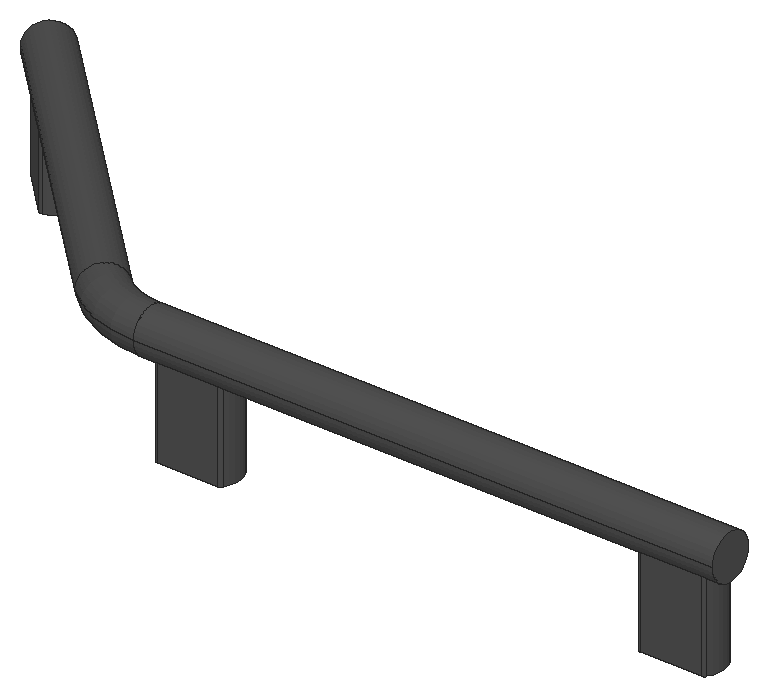
Revit family "687379B OPAL SUPPORT RAIL 135 DEGREE RIGHT HAND ANGLED BLACK", category Plumbing Fixtures, host Face, Revit 2019
Family settings
  Host = Face
  Round Connector Dimension = Use Radius
  Part Type = Normal
  OmniClass Number = 23.40.20.21.47
  OmniClass Title = Bath Grab Bars
  Cut with Voids When Loaded = No
  Shared = No
  Room Calculation Point = No
Parameters (values of type "OPAL SUPPORT RAIL 135 DEGREE RIGHT HAND ANGLED BLACK")
  Waste Connection = no
  Vent Connection = no
  URL = "https://www.caroma.com.au/"
  Rail_Height = 75 mm
  Model = "687379B"
  Material_Base = GWA-Metal-Black
  Manufacturer = "GWA Bathrooms & Kitchens"  # constant formula
  HW Connection = no
  Description = "OPAL SUPPORT RAIL 135 DEGREE RIGHT HAND ANGLED BLACK"
  Default Elevation = 0 mm
  CreatedBy_ANZRS = "GWA Bathrooms & Kitchens"  # constant formula
  CW Connection = no
  Assembly Code = "C1030200"
Reference planes
  plane 1 "Center (Front/Back)": y = 0
  plane 2: z = 0
  plane 3 "Center (Left/Right)": x = 0
  plane 4 "Rail_Centre": z = 75
Forms (mm)
  Extrusion 1, solid, material "GWA-Metal-Black" <- "Material_Base"
    sketch origin (225, 0, 0) x (-1, 0, 0) y (0, -1, 0)
      loop
        arc (246.722, -11.5) -> (248.222, -11.098) -> (249.321, -10) r 3
        arc (249.321, -10) -> (252, 0) -> (249.321, 10) r 20
        arc (249.321, 10) -> (248.222, 11.098) -> (246.722, 11.5) r 3
        line (246.722, 11.5) -> (203.278, 11.5)
        arc (203.278, 11.5) -> (201.778, 11.098) -> (200.679, 10) r 3
        arc (200.679, 10) -> (198, 0) -> (200.679, -10) r 20
        arc (200.679, -10) -> (201.778, -11.098) -> (203.278, -11.5) r 3
        line (203.278, -11.5) -> (246.722, -11.5)
    from 0 to 75
  Extrusion 2, solid, material "GWA-Metal-Black" <- "Material_Base"
    sketch origin (-120, 0, 0) x (-1, 0, 0) y (0, -1, 0)
      loop
        arc (246.722, -11.5) -> (248.222, -11.098) -> (249.321, -10) r 3
        arc (249.321, -10) -> (252, 0) -> (249.321, 10) r 20
        arc (249.321, 10) -> (248.222, 11.098) -> (246.722, 11.5) r 3
        line (246.722, 11.5) -> (203.278, 11.5)
        arc (203.278, 11.5) -> (201.778, 11.098) -> (200.679, 10) r 3
        arc (200.679, 10) -> (198, 0) -> (200.679, -10) r 20
        arc (200.679, -10) -> (201.778, -11.098) -> (203.278, -11.5) r 3
        line (203.278, -11.5) -> (246.722, -11.5)
    from 0 to 75
  Extrusion 3, solid, material "GWA-Metal-Black" <- "Material_Base"
    sketch origin (-444.648, 34.648, 0) x (-0.707107, 0.707107, 0) y (-0.707107, -0.707107, 0)
      loop
        arc (246.722, -11.5) -> (248.222, -11.098) -> (249.321, -10) r 3
        arc (249.321, -10) -> (252, 0) -> (249.321, 10) r 20
        arc (249.321, 10) -> (248.222, 11.098) -> (246.722, 11.5) r 3
        line (246.722, 11.5) -> (203.278, 11.5)
        arc (203.278, 11.5) -> (201.778, 11.098) -> (200.679, 10) r 3
        arc (200.679, 10) -> (198, 0) -> (200.679, -10) r 20
        arc (200.679, -10) -> (201.778, -11.098) -> (203.278, -11.5) r 3
        line (203.278, -11.5) -> (246.722, -11.5)
    from 0 to 75
  Sweep 4, solid, material "GWA-Metal-Black" <- "Material_Base"
    path origin (0, 0, 75) x (1, 0, 0) y (0, 1, 0)
      loop
        line (33, 0) -> (-380.177, 0)
        arc (-380.177, 0) -> (-407.73, 5.481) -> (-431.088, 21.088) r 72
        line (-431.088, 21.088) -> (-627.082, 217.082)
    profile origin (-173.588, 0, 75) x (0, -1, 0) y (0, 0, 1)
      loop
        circle (0, 0) r 16
Lines and regions (mm)
  Masking region 1
    outline origin (0, 0, 0) x (0, 1, 0) y (0, 0, 1)
      loop
        line (218.118, 0) -> (218.118, 59.067)
        spline (218.118, 59.067) -> (220.917, 59.947) -> (223.47, 61.795) -> (225.613, 64.49) -> (227.207, 67.861) -> (228.151, 71.691) -> (228.384, 75.733) -> (227.89, 79.728) -> (226.702, 83.42) -> (224.896, 86.57) -> (222.588, 88.977) -> (219.926, 90.486) -> (217.082, 91)
        line (217.082, 91) -> (0, 91)
        arc (0, 91) -> (-14.731, 81.245) -> (-11.5, 63.876) r 16
        line (-11.5, 63.876) -> (-11.5, 0) -> (11.5, 0) -> (11.5, 59) -> (169.377, 59) -> (169.377, 0) -> (218.118, 0)
  Masking region 2
    outline origin (0, 0, 75) x (1, 0, 0) y (0, 1, 0)
      loop
        line (33, 16) -> (-380.177, 16)
        arc (-380.177, 16) -> (-401.607, 20.263) -> (-419.775, 32.402) r 56
        line (-419.775, 32.402) -> (-615.768, 228.395) -> (-638.395, 205.768) -> (-442.402, 9.775)
        arc (-442.402, 9.775) -> (-413.853, -9.301) -> (-380.177, -16) r 88
        line (-380.177, -16) -> (33, -16) -> (33, 16)
  Masking region 3
    outline origin (0, 0, 0) x (-1, 0, 0) y (0, 0, -1)
      loop
        line (-27, 0) -> (-27, -59) -> (-33, -59) -> (-33, -91) -> (627.082, -91)
        spline (627.082, -91) -> (629.926, -90.486) -> (632.588, -88.977) -> (634.896, -86.57) -> (636.702, -83.42) -> (637.89, -79.728) -> (638.384, -75.733) -> (638.151, -71.691) -> (637.207, -67.861) -> (635.613, -64.49) -> (633.47, -61.795) -> (630.917, -59.947) -> (628.118, -59.067)
        line (628.118, -59.067) -> (628.118, 0) -> (579.372, 0) -> (579.372, -59) -> (372, -59) -> (372, 0) -> (318, 0) -> (318, -59) -> (27, -59) -> (27, 0) -> (-27, 0)
  symbolic lines
    curve 1: line (0, 11.5, 0) -> (0, 11.5, 59)
    curve 2: line (0, 11.5, 0) -> (0, -11.5, 0)
    curve 3: line (0, -11.5, 0) -> (0, -11.5, 63.876)
    curve 4: circle (0, 0, 75) r 16 normal (1, 0, 0)
    curve 5: line (0, 0, 91) -> (0, 217.082, 91)
    curve 6: line (0, 0, 59) -> (0, 169.377, 59)
    curve 7: line (0, 169.377, 0) -> (0, 169.377, 63.076)
    curve 8: line (0, 218.118, 0) -> (0, 218.118, 59.067)
    curve 9: spline (0, 205.768, 75) -> (0, 206.154, 70.859) -> (0, 207.284, 67) -> (0, 209.082, 63.686) -> (0, 211.425, 61.144) -> (0, 214.154, 59.545) -> (0, 217.082, 59) -> (0, 220.01, 59.545) -> (0, 222.739, 61.144) -> (0, 225.082, 63.686) -> (0, 226.88, 67) -> (0, 228.01, 70.859) -> (0, 228.395, 75)
    curve 10: spline (0, 228.395, 75) -> (0, 228.01, 79.141) -> (0, 226.88, 83) -> (0, 225.082, 86.314) -> (0, 222.739, 88.856) -> (0, 220.01, 90.455) -> (0, 217.082, 91) -> (0, 214.154, 90.455) -> (0, 211.425, 88.856) -> (0, 209.082, 86.314) -> (0, 207.284, 83) -> (0, 206.154, 79.141) -> (0, 205.768, 75)
    curve 11: line (0, 170.177, 63.876) -> (0, 201.06, 63.876)
    curve 12: arc (0, 169.377, 63.076) -> (0, 169.611, 63.641) -> (0, 170.177, 63.876) r 0.8
    curve 13: line (0, 217.082, 59) -> (0, 212.741, 59)
    curve 14: spline (0, 201.06, 63.876) -> (0, 201.281, 63.84) -> (0, 201.512, 63.787) -> (0, 201.749, 63.719) -> (0, 201.992, 63.634) -> (0, 202.237, 63.535) -> (0, 202.483, 63.422) -> (0, 202.728, 63.296) -> (0, 202.969, 63.157) -> (0, 203.206, 63.008) -> (0, 203.435, 62.848) -> (0, 203.655, 62.681) -> (0, 203.865, 62.506)
    curve 15: arc (0, 212.741, 59) -> (0, 210.9, 59.18) -> (0, 209.128, 59.711) r 9.53
    curve 16: arc (0, 209.128, 59.711) -> (0, 206.427, 60.978) -> (0, 203.865, 62.506) r 30.052
    curve 17: line (33, 16, 75) -> (-380.177, 16, 75)
    curve 18: line (33, -16, 75) -> (-380.177, -16, 75)
    curve 19: line (-638.395, 205.768, 75) -> (-442.402, 9.775, 75)
    curve 20: line (-638.395, 205.768, 75) -> (-615.768, 228.395, 75)
    curve 21: line (-615.768, 228.395, 75) -> (-419.775, 32.402, 75)
    curve 22: line (33, 16, 75) -> (33, -16, 75)
    curve 23: arc (-380.177, 16, 75) -> (-401.607, 20.263, 75) -> (-419.775, 32.402, 75) r 56
    curve 24: arc (-380.177, -16, 75) -> (-413.853, -9.301, 75) -> (-442.402, 9.775, 75) r 88
    curve 25: line (27, 0, 0) -> (27, 0, 59)
    curve 26: line (27, 0, 0) -> (-27, 0, 0)
    curve 27: line (-27, 0, 0) -> (-27, 0, 59)
    curve 28: line (-21.774, 0, 63.876) -> (21.774, 0, 63.876)
    curve 29: line (27, 0, 59) -> (24.152, 0, 62.704)
    curve 30: arc (21.774, 0, 63.876) -> (23.099, 0, 63.567) -> (24.152, 0, 62.704) r 3
    curve 31: line (-27, 0, 59) -> (-24.152, 0, 62.704)
    curve 32: arc (-21.774, 0, 63.876) -> (-23.099, 0, 63.567) -> (-24.152, 0, 62.704) r 3
    curve 33: line (-318, 0, 0) -> (-318, 0, 59)
    curve 34: line (-318, 0, 0) -> (-372, 0, 0)
    curve 35: line (-372, 0, 0) -> (-372, 0, 59)
    curve 36: line (-366.774, 0, 63.876) -> (-323.226, 0, 63.876)
    curve 37: line (-318, 0, 59) -> (-320.848, 0, 62.704)
    curve 38: arc (-323.226, 0, 63.876) -> (-321.901, 0, 63.567) -> (-320.848, 0, 62.704) r 3
    curve 39: line (-372, 0, 59) -> (-369.152, 0, 62.704)
    curve 40: arc (-366.774, 0, 63.876) -> (-368.099, 0, 63.567) -> (-369.152, 0, 62.704) r 3
    curve 41: line (33, 0, 59) -> (33, 0, 91)
    curve 42: line (33, 0, 91) -> (-627.082, 0, 91)
    curve 43: line (33, 0, 59) -> (27, 0, 59)
    curve 44: line (-27, 0, 59) -> (-318, 0, 59)
    curve 45: line (-372, 0, 59) -> (-579.372, 0, 59)
    curve 46: spline (-615.768, 0, 75) -> (-616.154, 0, 79.141) -> (-617.284, 0, 83) -> (-619.082, 0, 86.314) -> (-621.425, 0, 88.856) -> (-624.154, 0, 90.455) -> (-627.082, 0, 91) -> (-630.01, 0, 90.455) -> (-632.739, 0, 88.856) -> (-635.082, 0, 86.314) -> (-636.88, 0, 83) -> (-638.01, 0, 79.141) -> (-638.395, 0, 75)
    curve 47: spline (-638.395, 0, 75) -> (-638.01, 0, 70.859) -> (-636.88, 0, 67) -> (-635.082, 0, 63.686) -> (-632.739, 0, 61.144) -> (-630.01, 0, 59.545) -> (-627.082, 0, 59) -> (-624.154, 0, 59.545) -> (-621.425, 0, 61.144) -> (-619.082, 0, 63.686) -> (-617.284, 0, 67) -> (-616.154, 0, 70.859) -> (-615.768, 0, 75)
    curve 48: line (-611.021, 0, 63.882) -> (-580.172, 0, 63.882)
    curve 49: spline (-613.791, 0, 62.577) -> (-613.573, 0, 62.734) -> (-613.347, 0, 62.886) -> (-613.113, 0, 63.032) -> (-612.875, 0, 63.17) -> (-612.634, 0, 63.299) -> (-612.391, 0, 63.419) -> (-612.15, 0, 63.527) -> (-611.911, 0, 63.624) -> (-611.677, 0, 63.709) -> (-611.449, 0, 63.78) -> (-611.23, 0, 63.838) -> (-611.021, 0, 63.882)
    curve 50: line (-628.118, 0, 0) -> (-628.118, 0, 59.067)
    curve 51: line (-627.082, 0, 59) -> (-622.777, 0, 59)
    curve 52: arc (-622.777, 0, 59) -> (-621.028, 0, 59.163) -> (-619.34, 0, 59.646) r 9.47
    curve 53: arc (-619.34, 0, 59.646) -> (-616.481, 0, 60.952) -> (-613.791, 0, 62.577) r 27.463
    curve 54: line (-579.372, 0, 63.082) -> (-579.372, 0, 0)
    curve 55: arc (-580.172, 0, 63.882) -> (-579.606, 0, 63.648) -> (-579.372, 0, 63.082) r 0.8
    curve 56: line (-628.118, 0, 0) -> (-579.372, 0, 0)
Dimensions and locks
  "Rail_Height": plane 4 "Rail_Centre" to host face
  aligned and locked: plane 2 to host face
  aligned and locked: level to host face
  aligned and locked: Masking region 3 sketch curve to curve 54
Automatic sketch dimensions
  curve 3 to level = 0 mm
  curve 4 to plane 1 "Center (Front/Back)" = 0 mm
  curve 5 to plane 1 "Center (Front/Back)" = 0 mm
  curve 6 to plane 1 "Center (Front/Back)" = 0 mm
  curve 7 to level = 0 mm
  curve 9 to plane 4 "Rail_Centre" = 0 mm
  curve 8 to level = 0 mm
  curve 4 to plane 4 "Rail_Centre" = 0 mm
  plane 1 "Center (Front/Back)" to curve 2 = 11.5 mm
  curve 1 to plane 1 "Center (Front/Back)" = 11.5 mm
  curve 7 to plane 4 "Rail_Centre" = 11.924 mm
  curve 1 to curve 7 = 157.877 mm
  curve 12 to curve 12 = 0.8 mm
  curve 11 to curve 11 = 30.883 mm
  curve 14 to curve 13 = 11.681 mm
  plane 4 "Rail_Centre" to curve 16 = 12.52 mm
  curve 15 to curve 16 = 7.78 mm
  curve 13 to curve 14 = 4.876 mm
  curve 15 to plane 4 "Rail_Centre" = 6.47 mm
  curve 14 to curve 11 = 1.309 mm
  curve 14 to curve 14 = 1.281 mm
  curve 14 to curve 14 = 1.524 mm
  curve 9 to curve 15 = 6.973 mm
  curve 16 to curve 15 = 0 mm
  curve 15 to curve 9 = 4.341 mm
  curve 5 to curve 16 = 3.439 mm
  curve 13 to curve 9 = 0 mm
  curve 10 to curve 8 = 1.036 mm
  curve 10 to curve 13 = 0 mm
  curve 47 to plane 4 "Rail_Centre" = 0 mm
  curve 56 to level = 0 mm
  curve 35 to level = 0 mm
  curve 27 to level = 0 mm
  plane 4 "Rail_Centre" to curve 53 = 10.236 mm
  curve 53 to plane 3 "Center (Left/Right)" = 629.308 mm
  curve 53 to curve 56 = 1.19 mm
  curve 50 to curve 51 = 5.341 mm
  curve 52 to curve 48 = 11.756 mm
  curve 48 to plane 4 "Rail_Centre" = 11.118 mm
  curve 48 to curve 48 = 30.848 mm
  curve 50 to curve 56 = 48.746 mm
  curve 45 to plane 4 "Rail_Centre" = 16 mm
  curve 45 to curve 45 = 207.372 mm
  curve 39 to plane 4 "Rail_Centre" = 12.296 mm
  curve 45 to curve 39 = 2.848 mm
  curve 39 to curve 36 = 2.378 mm
  curve 40 to curve 36 = 43.547 mm
  curve 37 to plane 4 "Rail_Centre" = 12.296 mm
  curve 38 to curve 37 = 2.378 mm
  curve 38 to curve 44 = 2.848 mm
  curve 27 to plane 3 "Center (Left/Right)" = 27 mm
  curve 44 to curve 31 = 2.848 mm
  curve 32 to curve 32 = 2.378 mm
  curve 28 to plane 4 "Rail_Centre" = 11.124 mm
  plane 3 "Center (Left/Right)" to curve 28 = 21.774 mm
  curve 29 to plane 4 "Rail_Centre" = 12.296 mm
  curve 28 to curve 29 = 2.378 mm
  curve 29 to curve 25 = 2.848 mm
  curve 28 to curve 41 = 11.226 mm
  curve 31 to curve 32 = 4.876 mm
  curve 51 to curve 48 = 4.882 mm
  curve 41 to curve 30 = 3.704 mm
  curve 32 to curve 32 = 3 mm
  curve 40 to curve 39 = 1.829 mm
  curve 52 to plane 4 "Rail_Centre" = 6.53 mm
  plane 4 "Rail_Centre" to curve 41 = 16 mm
  curve 46 to curve 53 = 9.088 mm
  curve 53 to curve 46 = 2.226 mm
  curve 50 to curve 51 = 1.036 mm
  curve 42 to curve 46 = 0 mm
  curve 53 to curve 52 = 0 mm
  curve 53 to curve 49 = 4.196 mm
  curve 49 to curve 49 = 1.352 mm
  curve 53 to curve 49 = 1.296 mm
  host sketch curve to host sketch curve = 2438.4 mm  (x2)
  curve 23 to curve 24 = 0 mm  (x2)
  curve 17 to plane 1 "Center (Front/Back)" = 16 mm
  plane 3 "Center (Left/Right)" to curve 17 = 33 mm
  curve 24 to plane 1 "Center (Front/Back)" = 72 mm
  curve 24 to plane 3 "Center (Left/Right)" = 380.177 mm
  curve 21 to plane 1 "Center (Front/Back)" = 32.402 mm
  curve 19 to plane 1 "Center (Front/Back)" = 9.775 mm
  curve 23 to curve 19 = 22.627 mm
  curve 20 to plane 1 "Center (Front/Back)" = 228.395 mm
  curve 21 to curve 20 = 195.993 mm
  Masking region 1 sketch curve to level = 0 mm  (x2)
  Masking region 1 sketch curve to plane 1 "Center (Front/Back)" = 0 mm
  Masking region 1 sketch curve to plane 4 "Rail_Centre" = 0 mm  (x2)
  plane 1 "Center (Front/Back)" to Masking region 1 sketch curve = 11.5 mm
  Masking region 1 sketch curve to plane 1 "Center (Front/Back)" = 11.5 mm
  Masking region 1 sketch curve to plane 4 "Rail_Centre" = 16 mm
  Masking region 1 sketch curve to Masking region 1 sketch curve = 157.877 mm
  Masking region 1 sketch curve to Masking region 1 sketch curve = 47.705 mm
  Masking region 1 sketch curve to Masking region 1 sketch curve = 48.741 mm
  Masking region 1 sketch curve to plane 4 "Rail_Centre" = 15.933 mm
  Masking region 1 sketch curve to Masking region 1 sketch curve = 11.124 mm
  plane 1 "Center (Front/Back)" to Extrusion 1 sketch curve = 0 mm  (x2)
  Extrusion 1 sketch curve to plane 1 "Center (Front/Back)" = 8.5 mm
  plane 3 "Center (Left/Right)" to Extrusion 1 sketch curve = 21.722 mm
  plane 1 "Center (Front/Back)" to Extrusion 1 sketch curve = 8.5 mm  (x2)
  Extrusion 1 sketch curve to Extrusion 1 sketch curve = 0 mm  (x3)
  plane 3 "Center (Left/Right)" to Extrusion 1 sketch curve = 7 mm
  Extrusion 1 sketch curve to plane 3 "Center (Left/Right)" = 7 mm
  Extrusion 1 sketch curve to Extrusion 1 sketch curve = 14.722 mm  (x2)
  Extrusion 1 sketch curve to plane 1 "Center (Front/Back)" = 11.5 mm
  Extrusion 1 sketch curve to Extrusion 1 sketch curve = 3 mm  (x2)
  plane 1 "Center (Front/Back)" to Extrusion 2 sketch curve = 0 mm  (x2)
  Extrusion 2 sketch curve to plane 1 "Center (Front/Back)" = 8.5 mm
  Extrusion 2 sketch curve to plane 3 "Center (Left/Right)" = 323.278 mm
  plane 1 "Center (Front/Back)" to Extrusion 2 sketch curve = 8.5 mm  (x2)
  Extrusion 2 sketch curve to Extrusion 2 sketch curve = 0 mm  (x3)
  Extrusion 2 sketch curve to Extrusion 2 sketch curve = 14.722 mm  (x3)
  Extrusion 2 sketch curve to Extrusion 2 sketch curve = 14 mm
  Extrusion 2 sketch curve to plane 1 "Center (Front/Back)" = 11.5 mm
  Extrusion 2 sketch curve to Extrusion 2 sketch curve = 3 mm  (x2)
  Extrusion 3 sketch curve to plane 1 "Center (Front/Back)" = 184.398 mm
  Extrusion 3 sketch curve to plane 3 "Center (Left/Right)" = 582.377 mm
  Extrusion 3 sketch curve to Extrusion 3 sketch curve = 0 mm  (x5)
  Extrusion 3 sketch curve to Extrusion 3 sketch curve = 14.722 mm  (x3)
  Extrusion 3 sketch curve to Extrusion 3 sketch curve = 14 mm
  Extrusion 3 sketch curve to Extrusion 3 sketch curve = 3 mm  (x2)
  Extrusion 3 sketch curve to Extrusion 3 sketch curve = 8.5 mm
  Extrusion 3 sketch curve to Extrusion 3 sketch curve = 17 mm  (x2)
  plane 1 "Center (Front/Back)" to Sweep 4 sketch curve = 0 mm
  Sweep 4 sketch curve to plane 1 "Center (Front/Back)" = 21.088 mm
  Sweep 4 sketch curve to plane 3 "Center (Left/Right)" = 431.088 mm
  Sweep 4 sketch curve to plane 1 "Center (Front/Back)" = 72 mm
  Sweep 4 sketch curve to plane 1 "Center (Front/Back)" = 217.082 mm
  Sweep 4 sketch curve to Sweep 4 sketch curve = 195.993 mm
  plane 3 "Center (Left/Right)" to Sweep 4 sketch curve = 33 mm
  Sweep 4 sketch curve to profile plane = 0 mm  (x2)
  Masking region 2 sketch curve to Masking region 2 sketch curve = 0 mm  (x2)
  Masking region 2 sketch curve to plane 1 "Center (Front/Back)" = 205.768 mm
  Masking region 2 sketch curve to plane 3 "Center (Left/Right)" = 638.395 mm
  Masking region 2 sketch curve to plane 1 "Center (Front/Back)" = 228.395 mm
  Masking region 2 sketch curve to Masking region 2 sketch curve = 22.627 mm
  Masking region 2 sketch curve to plane 1 "Center (Front/Back)" = 9.775 mm
  Masking region 2 sketch curve to plane 1 "Center (Front/Back)" = 32.402 mm
  plane 1 "Center (Front/Back)" to Masking region 2 sketch curve = 16 mm
  Masking region 2 sketch curve to Masking region 2 sketch curve = 39.598 mm
  plane 3 "Center (Left/Right)" to Masking region 2 sketch curve = 33 mm
  Masking region 3 sketch curve to level = 0 mm  (x3)
  Masking region 3 sketch curve to plane 4 "Rail_Centre" = 0 mm
  Masking region 3 sketch curve to Masking region 3 sketch curve = 207.372 mm
  Masking region 3 sketch curve to plane 4 "Rail_Centre" = 16 mm  (x3)
  Masking region 3 sketch curve to Masking region 3 sketch curve = 54 mm
  Masking region 3 sketch curve to plane 3 "Center (Left/Right)" = 27 mm
  plane 3 "Center (Left/Right)" to Masking region 3 sketch curve = 27 mm
  Masking region 3 sketch curve to Masking region 3 sketch curve = 6 mm
  plane 4 "Rail_Centre" to Masking region 3 sketch curve = 16 mm
  Masking region 3 sketch curve to Masking region 3 sketch curve = 47.71 mm
  Masking region 3 sketch curve to Masking region 3 sketch curve = 48.746 mm
  Masking region 3 sketch curve to Masking region 3 sketch curve = 15.933 mm
  radius of Sweep 4 sketch curve = 16 mm
